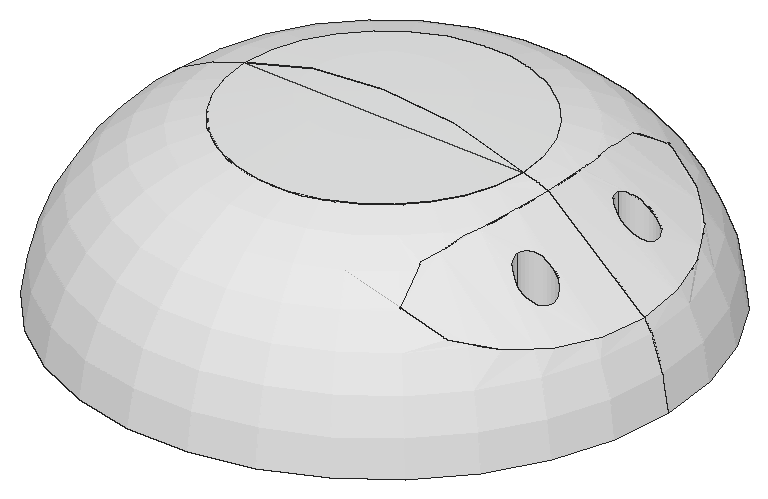
Revit family "Ceiling_Sensor-Ultrasonic-Hubbell_Wiring-ATU", category Lighting Devices, host Face, Revit 2015
Parameters (values of type "ATU1000C")
  Voltage = 24 V
  Ultrasonic Minor Motion [instance] = yes
  Ultrasonic Major Motion [instance] = yes
  URL = "http://www.hubbell-wiring.com/"
  Type Comments = ""
  Time Delay = "Test (8 seconds), adaptive 8 to 40 minutes\r"  # constant formula
  Storage Temperature = "-20°F to 150°F (-29°C to 65°C); 0% to 95%\r\nnon-condensing relative humidity"  # constant formula
  Sensors Option = ATU1000C-500C : ATU1000C-500C
  Sensitivity = "Adaptive 0 to 100%"  # constant formula
  Product data url = "https://bimobject.com/hubbellwiring/product/hubbell-atu"
  Product Page URL = "http://ecatalog.hubbell-wiring.com/productinformation/specsheets/3A/Live/PDF/ATU1000C_cart.pdf"
  Product Documentation Link = "http://ecatalog.hubbell-wiring.com/productinformation/CustomerDrawingLibraryAssets/3A/1/M7781.pdf"
  Power Factor = 1
  Operating Temperature = "32°F to 104°F (0°C to 40°C) with rate of change not\r\nexceeding 20°F (11°C) per hour"  # constant formula
  Number of Poles = 1
  Model = "ATU1000C"
  Manufacturer = "Hubbell Wiring Device-Kellems"  # constant formula
  Load Classification = Lighting
  Keynote = ""
  Glass = Plastic - Hubbell - Polyethylene
  Field of View [instance] = no
  Device Material = Plastic - Hubbell - White
  Description = "Ultrasonic Ceiling Sensors - Adaptive Technology"  # constant formula
  Default Elevation = 48.00"
  Coverage Area = Field of View : 1000 sq.ft.
  Coverage = 180.00°
  Connector Description 2 = "Controls"  # constant formula
  Connector Description 1 = "Power Supply"  # constant formula
  Certifications = "cULus listed to UL244A"  # constant formula
  Apparent Load = 0.79 VA  # 0.790 VA
  Ambient Light = "1 to 1000 foot candles"  # constant formula
Types (3): name | Sensors Option | Product Page URL | Model | Coverage Area | Coverage
  ATU2000C | ATU2000C : ATU2000C | "http://ecatalog.hubbell-wiring.com/productinformation/specsheets/3A/Live/PDF/ATU2000CRP_cart.pdf" | "ATU2000C" | Field of View : 2000 sq.ft. | 360.00°
  ATU1000C | ATU1000C-500C : ATU1000C-500C | "http://ecatalog.hubbell-wiring.com/productinformation/specsheets/3A/Live/PDF/ATU1000C_cart.pdf" | "ATU1000C" | Field of View : 1000 sq.ft. | 180.00°
  ATU500C | ATU1000C-500C : ATU1000C-500C | "http://ecatalog.hubbell-wiring.com/productinformation/specsheets/3A/Live/PDF/ATU500CRP_cart.pdf" | "ATU500C" | Field of View : 500 sq.ft. | 180.00°
Reference planes (in)
  plane 1 "Center (Front/Back)": y = 0
  plane 2 "Bottom": z = 0
  plane 3 "Center (Left/Right)": x = 0
  plane 4: z = 0.575
Dimensions and locks (in)
  locked: plane 4 to plane 2 "Bottom" at 0.575
  aligned and locked: plane 2 "Bottom" to host face
  aligned and locked: level to host face
  aligned and locked: nested 1 to plane 3 "Center (Left/Right)"
  aligned and locked: plane 1 "Center (Front/Back)" to nested 1
  aligned and locked: nested 2 to plane 3 "Center (Left/Right)"
  aligned and locked: nested 2 to plane 1 "Center (Front/Back)"
  aligned and locked: nested 2 to plane 4
Nested families (in)
  nested 1: "ATU1000C-500C" at (0, 0, 0) x (0, -1, 0) z (0, 0, 1), type <- "Sensors Option", type "ATU1000C-500C"
  nested 2: "Field of View" at (0, 0, 0.575), type <- "Coverage Area", Ultrasonic Minor Motion <- "Ultrasonic Minor Motion", Ultrasonic Major Motion <- "Ultrasonic Major Motion", Field of View <- "Field of View", type "1000 sq.ft."
    with zz YesNo 4 no, zz YesNo 3 no, zz YesNo 2 no, zz YesNo 1 no, zz Length 5 192.06082", zz Length 4 384.22224", zz Length 3 138.2337", zz Length 2 270.01926", zz Length 1 108.00", Ultrasonic Minor Motion yes, Ultrasonic Major Motion yes, Mounting Height 108.00", Field of View no, zz Angle 4 60.65°, zz Angle 3 74.30°, zz Angle 2 52.00°, zz Angle 1 68.20°
Connectors (in)
  electrical at (0, 0, 0), driven by "Voltage", driven by "Apparent Load", driven by "Connector Description 1", driven by "Power Factor", driven by "Load Classification", driven by "Number of Poles"
    settings: on host face, index 1, voltage 24 V, apparent load 0.790 VA, apparent load phase1 0.000 VA, apparent load phase2 0.000 VA, apparent load phase3 0.000 VA, power factor 1, load classification "Lighting", number of poles 1, system type 30, power factor state 1, is connector primary yes, connector utility no, sub classification motor no, connector description "Power Supply"
  electrical at (0, 0.31245, 0), driven by "Connector Description 2"
    settings: on nested 1, index 2, voltage 0 V, apparent load 0.000 VA, apparent load phase1 0.000 VA, apparent load phase2 0.000 VA, apparent load phase3 0.000 VA, power factor 1, load classification "Other", number of poles 1, system type 13, power factor state 1, is connector primary no, connector utility no, sub classification motor no, connector description "Controls"
Definition of nested family "ATU1000C-500C"
  Parameters
    URL = "http://www.hubbell-wiring.com/"
    Type Comments = ""
    Product Page URL = "http://www.hubbell-wiring.com/press/catalog/E.pdf"
    Product Documentation Link = "http://ecatalog.hubbell-wiring.com/productinformation/CustomerDrawingLibraryAssets/3A/1/M12573.pdf"
    Model = "AD2000BK1"
    Manufacturer = "Hubbell Wiring Device-Kellems"  # constant formula
    Keynote = ""
    Glass = none
    Device Material = none
    Description = "Dual technology occupancy sensors combine both passive infrared (PIR) \r\nand ultrasonic (US) technologies for maximum reliability."  # constant formula
    Default Elevation = 48.00"
  Reference planes (in)
    plane 1 "Center (Front/Back)": y = 0
    plane 2 "Bottom": z = 0
    plane 3 "Center (Left/Right)": x = 0
    plane 4: y = 2.25
    plane 5: y = -2.25
    plane 6: z = 1.5
    plane 7: z = 1.3
    plane 8: y = 1.1
    plane 9: y = -1.1
    plane 10: y = 0.5
    plane 11: y = -0.5
    plane 12: z = 1.35
    plane 13: z = 1.275
    plane 14: z = 0.575
    plane 15: y = 1.2633
    plane 16: y = 2.1
    plane 17: y = -1.2633
    plane 18: y = -2.1
    plane 19: x = -0.5
    plane 20: x = 0.5
    plane 21: y = -1.6
    plane 22: y = 1.6
  Forms (in)
    Extrusion 1, solid
      sketch origin (0, 0, 0) x (1, 0, 0) y (0, 1, 0)
        loop
          line (-48, 48) -> (-48, -48) -> (48, -48) -> (48, 48) -> (-48, 48)
      from 0 to -12
    Revolve 2, solid, material <- "Device Material"
      sketch origin (0, 0, 0) x (0, 1, 0) y (0, 0, 1)
        loop
          line (0, 0) -> (2.25, 0)
          arc (2.25, 0) -> (1.89174, 0.84174) -> (1.1, 1.3) r 1.44596
          line (1.1, 1.3) -> (0, 1.3) -> (0, 0)
        axis (0, 1.3) -> (0, 0)
      angle from 0 to 360
    Revolve 3, solid, material <- "Glass"
      sketch origin (0, 0, 0) x (0, 1, 0) y (0, 0, 1)
        loop
          line (0, 1.5) -> (0, 1.3) -> (1.1, 1.3)
          arc (1.1, 1.3) -> (0.55964, 1.453) -> (0, 1.5) r 2.92759
        axis (0, 1.5) -> (0, 1.3)
      angle from 0 to 360
    Revolve 4, void
      sketch origin (0, 0, 0) x (0, 1, 0) y (0, 0, 1)
        loop
          line (1.2633, 1.275) -> (2.1, 0.575)
          arc (2.1, 0.575) -> (1.83259, 1.10542) -> (1.2633, 1.275) r 0.75
        axis (-0.5, 1.275) -> (-0.5, 0.575)
      angle from 0 to 360
    Extrusion 5, void
      sketch origin (0, 0, 0.09375) x (0, -1, 0) y (1, 0, 0)
        loop
          circle (-1.6, -0.5) r 0.14975
        loop
          circle (-1.6, 0.5) r 0.14975
      from 0.48125 to 1.40625
  Cuts and joins
    Revolve 4, Extrusion 5 cuts Revolve 2
  Lines and regions (in)
    symbolic lines
      curve 1: arc (0, -2.25, 0) -> (-2.25, 0, 0) -> (0, 2.25, 0) r 2.25
      curve 2: arc (0, 2.25, 0) -> (2.25, 0, 0) -> (0, -2.25, 0) r 2.25
    symbolic lines, detail levels medium+fine
      curve 3: line (0, 2.05984, 0) -> (0, 1.30142, 0)
      curve 4: line (0, 1.30142, 0) -> (0, 2.05984, 0)
      curve 9: arc (0, 1.1, 0) -> (1.1, 0, 0) -> (0, -1.1, 0) r 1.1
      curve 10: arc (0, -1.1, 0) -> (-1.1, 0, 0) -> (0, 1.1, 0) r 1.1
    symbolic lines, detail levels fine
      curve 5: arc (-0.5, 1.74975, 0) -> (-0.64975, 1.6, 0) -> (-0.5, 1.45025, 0) r 0.14975
      curve 6: arc (-0.5, 1.45025, 0) -> (-0.35025, 1.6, 0) -> (-0.5, 1.74975, 0) r 0.14975
      curve 7: arc (0.5, 1.74975, 0) -> (0.35025, 1.6, 0) -> (0.5, 1.45025, 0) r 0.14975
      curve 8: arc (0.5, 1.45025, 0) -> (0.64975, 1.6, 0) -> (0.5, 1.74975, 0) r 0.14975
  Dimensions and locks (in)
    equal spacing: plane 4, plane 1 "Center (Front/Back)", plane 5
    locked: plane 4 to plane 5 at 4.5
    locked: plane 6 to plane 2 "Bottom" at 1.5
    locked: plane 6 to plane 7 at 0.2
    equal spacing: plane 8, plane 1 "Center (Front/Back)", plane 9
    locked: plane 8 to plane 9 at 2.2
    equal spacing: plane 10, plane 1 "Center (Front/Back)", plane 11
    locked: plane 10 to plane 1 "Center (Front/Back)" at 0.5
    plane 6 to plane 12 = 0.15"
    plane 7 to plane 13 = 0.025"
    locked: plane 13 to plane 14 at 0.7
    plane 4 to plane 16 = 0.15"
    locked: plane 16 to plane 15 at 0.8367
    locked: plane 18 to plane 17 at 0.8367
    locked: plane 5 to plane 18 at 0.15
    plane 18 to plane 17 = 0.8367"
    equal spacing: plane 19, plane 3 "Center (Left/Right)", plane 20
    plane 19 to plane 20 = 1.00"
    equal spacing: plane 22, plane 1 "Center (Front/Back)", plane 21
    locked: plane 1 "Center (Front/Back)" to plane 22 at 1.6
    locked: plane 1 "Center (Front/Back)" to Extrusion 5 sketch curve at 1.6
    locked: plane 3 "Center (Left/Right)" to Extrusion 5 sketch curve at 0.5
    aligned and locked: plane 2 "Bottom" to Extrusion 1
    aligned and locked: level to Extrusion 1
    aligned and locked: plane 1 "Center (Front/Back)" to Revolve 2 sketch curve
    aligned and locked: plane 7 to Revolve 2 sketch curve  (x2)
    aligned and locked: Revolve 2 sketch curve to plane 1 "Center (Front/Back)"
    aligned and locked: plane 2 "Bottom" to Revolve 2 sketch curve  (x2)
    aligned and locked: plane 1 "Center (Front/Back)" to Revolve 3 sketch curve
    aligned and locked: Revolve 3 sketch curve to plane 1 "Center (Front/Back)"
    aligned and locked: plane 7 to Revolve 3 sketch curve
    aligned and locked: plane 8 to Revolve 3 sketch curve
    aligned and locked: plane 6 to Revolve 3 sketch curve
    aligned and locked: Revolve 4 sketch curve to plane 11
    aligned and locked: plane 8 to Revolve 2 sketch curve
    aligned and locked: plane 4 to Revolve 2 sketch curve
    aligned and locked: plane 16 to Revolve 4 sketch curve
    aligned and locked: plane 14 to Revolve 4 sketch curve
    aligned and locked: plane 13 to Revolve 4 sketch curve
    aligned and locked: plane 15 to Revolve 4 sketch curve
    aligned and locked: Extrusion 5 to Revolve 4
    aligned and locked: plane 6 to Extrusion 5
  Automatic sketch dimensions
    Extrusion 1 sketch curve to Extrusion 1 sketch curve = 96.00"  (x2)
    Extrusion 5 sketch curve to plane 19 = 0.00"
    plane 22 to Extrusion 5 sketch curve = 0.00"
    curve 1 to plane 3 "Center (Left/Right)" = 0.00"
    plane 5 to curve 1 = 0.00"
    plane 1 "Center (Front/Back)" to curve 1 = 0.00"
    curve 6 to plane 19 = 0.00"
    curve 3 to plane 3 "Center (Left/Right)" = 0.00"
    curve 4 to plane 3 "Center (Left/Right)" = 0.00"
    plane 22 to curve 6 = 0.00"
    curve 3 to plane 15 = 0.03812"
    curve 4 to curve 3 = 0.00"  (x2)
    plane 22 to curve 6 = 0.14975"
    plane 16 to curve 3 = 0.04016"
    curve 7 to plane 20 = 0.00"
    plane 22 to curve 7 = 0.00"
    plane 22 to curve 8 = 0.14975"
    curve 1 to curve 9 = 0.00"  (x2)
    plane 9 to curve 10 = 0.00"
    Revolve 2 sketch curve to level = 0.11632"
    Revolve 2 sketch curve to level = 2.41808"
    plane 6 to Revolve 2 sketch curve = 3.09499"
    Revolve 3 sketch curve to plane 1 "Center (Front/Back)" = 0.03593"
    plane 14 to Revolve 3 sketch curve = 0.16064"
    Revolve 3 sketch curve to Revolve 3 sketch curve = 0.4253"
    Revolve 4 sketch curve to plane 14 = 0.04482"
    Revolve 4 sketch curve to level = 0.81521"
    plane 6 to Revolve 4 sketch curve = 0.65111"
    radius of Extrusion 5 sketch curve = 0.14975"  (x2)
Definition of nested family "Field of View"
  Parameters
    zz YesNo 4 [instance] = and(zz Integer 1 = 2, Field of View, Ultrasonic Minor Motion)  # no
    zz YesNo 3 [instance] = and(zz Integer 1 = 2, Field of View, Ultrasonic Major Motion)  # no
    zz YesNo 2 [instance] = and(zz Integer 1 = 1, Field of View, Ultrasonic Minor Motion)  # no
    zz YesNo 1 [instance] = and(zz Integer 1 = 1, Field of View, Ultrasonic Major Motion)  # no
    zz Length 5 [instance] = tan(zz Angle 4) * zz Length 1  # 131.99721"
    zz Length 4 [instance] = tan(zz Angle 3) * zz Length 1  # 276.00883"
    zz Length 3 [instance] = tan(zz Angle 2) * zz Length 1  # 102.02346"
    zz Length 2 [instance] = tan(zz Angle 1) * zz Length 1  # 204.06262"
    zz Length 1 [instance] = if(Mounting Height < 108.00", 108.00", if(Mounting Height > 180.00", 180.00", Mounting Height))  # 108.00"
    zz Integer 1 = 2
    zz Angle 4 = 50.71°
    zz Angle 3 = 68.63°
    zz Angle 2 = 43.37°
    zz Angle 1 = 62.11°
    Ultrasonic Minor Motion [instance] = no
    Ultrasonic Major Motion [instance] = no
    Mounting Height [instance] = 108.00"
    Field of View [instance] = yes
  Reference planes (in)
    plane 1 "Center (Front/Back)": y = 0
    plane 2: z = 0
    plane 3 "Center (Left/Right)": x = 0
    plane 4: x = 2.4
    plane 5: x = -2.4
    plane 6: y = -1.74
    plane 7: y = 1.74
    plane 8: x = -204.06262
    plane 9: x = 204.06262
    plane 10: y = -102.02346
    plane 11: y = 102.02346
    plane 12: z = 108
    plane 13: x = -276.00883
    plane 14: y = 131.99721
    plane 15: x = 276.00883
    plane 16: y = -131.99721
  Forms (in)
    Blend 1, solid, visible <- "zz YesNo 2"
      base sketch origin (0, 0, 0) x (1, 0, 0) y (0, 1, 0)
        loop
          line (-204.06262, 102.02346) -> (-204.06262, -102.02346) -> (204.06262, -102.02346) -> (204.06262, 102.02346) -> (-204.06262, 102.02346)
      top sketch origin (0, 0, 0) x (1, 0, 0) y (0, 1, 0)
        loop
          line (-2.4, 1.74) -> (-2.4, -1.74) -> (2.4, -1.74) -> (2.4, 1.74) -> (-2.4, 1.74)
      from 108 to 0
    Blend 2, solid, visible <- "zz YesNo 1"
      base sketch origin (0, 0, 0) x (1, 0, 0) y (0, 1, 0)
        loop
          line (-276.00883, 131.99721) -> (-276.00883, -131.99721) -> (276.00883, -131.99721) -> (276.00883, 131.99721) -> (-276.00883, 131.99721)
      top sketch origin (0, 0, 0) x (1, 0, 0) y (0, 1, 0)
        loop
          line (-2.4, 1.74) -> (-2.4, -1.74) -> (2.4, -1.74) -> (2.4, 1.74) -> (-2.4, 1.74)
      from 108 to 0
    Blend 3, solid, visible <- "zz YesNo 3"
      base sketch origin (0, 0, 0) x (1, 0, 0) y (0, 1, 0)
        loop
          line (0, 1.74) -> (0, -1.74) -> (2.4, -1.74) -> (2.4, 1.74) -> (0, 1.74)
      top sketch origin (0, 0, 0) x (1, 0, 0) y (0, 1, 0)
        loop
          line (0, 131.99721) -> (0, -131.99721) -> (276.00883, -131.99721) -> (276.00883, 131.99721) -> (0, 131.99721)
      from 0 to 108
    Blend 4, solid, visible <- "zz YesNo 4"
      base sketch origin (0, 0, 0) x (1, 0, 0) y (0, 1, 0)
        loop
          line (0, 1.74) -> (0, -1.74) -> (2.4, -1.74) -> (2.4, 1.74) -> (0, 1.74)
      top sketch origin (0, 0, 0) x (1, 0, 0) y (0, 1, 0)
        loop
          line (0, 102.02346) -> (0, -102.02346) -> (204.06262, -102.02346) -> (204.06262, 102.02346) -> (0, 102.02346)
      from 0 to 108
  Dimensions and locks (in)
    equal spacing: plane 5, plane 3 "Center (Left/Right)", plane 4
    plane 3 "Center (Left/Right)" to plane 4 = 2.40"
    equal spacing: plane 7, plane 1 "Center (Front/Back)", plane 6
    plane 6 to plane 1 "Center (Front/Back)" = 1.74"
    equal spacing: plane 8, plane 3 "Center (Left/Right)", plane 9
    equal spacing: plane 10, plane 1 "Center (Front/Back)", plane 11
    "zz Length 1": plane 12 to plane 2
    plane 10 to plane 11 = 204.04692"
    "zz Length 2": plane 8 to plane 3 "Center (Left/Right)"
    "zz Length 3": plane 1 "Center (Front/Back)" to plane 11
    equal spacing: plane 16, plane 1 "Center (Front/Back)", plane 14
    equal spacing: plane 13, plane 3 "Center (Left/Right)", plane 15
    "zz Length 4": plane 13 to plane 3 "Center (Left/Right)"
    "zz Length 5": plane 1 "Center (Front/Back)" to plane 14
    angle plane 1 "Center (Front/Back)" to Blend 1 = 42.8783°
    angle plane 3 "Center (Left/Right)" to Blend 2 = 68.4597°
    angle plane 3 "Center (Left/Right)" to Blend 1 = 61.8288°
    angle plane 1 "Center (Front/Back)" to Blend 2 = 50.3369°
    angle Blend 4 to Blend 3 = 61.8288°
    angle Blend 3 to Blend 3 = 68.4597°
    aligned and locked: plane 2 to level
    aligned and locked: Blend 1 sketch curve to plane 11
    aligned and locked: Blend 1 sketch curve to plane 10
    aligned and locked: Blend 1 sketch curve to plane 8
    aligned and locked: Blend 1 sketch curve to plane 9
    aligned and locked: Blend 1 sketch curve to plane 7
    aligned and locked: plane 5 to Blend 1 sketch curve
    aligned and locked: plane 6 to Blend 1 sketch curve
    aligned and locked: Blend 1 sketch curve to plane 4
    aligned and locked: Blend 1 to level
    aligned and locked: Blend 1 to plane 12
    aligned and locked: Blend 2 sketch curve to plane 14
    aligned and locked: Blend 2 sketch curve to plane 16
    aligned and locked: Blend 2 sketch curve to plane 13
    aligned and locked: Blend 2 sketch curve to plane 15
    aligned and locked: Blend 2 sketch curve to Blend 1  (x4)
    aligned and locked: Blend 2 to level
    aligned and locked: Blend 2 to plane 12
    aligned and locked: Blend 1 to Blend 3 sketch curve
    aligned and locked: plane 3 "Center (Left/Right)" to Blend 3 sketch curve
    aligned and locked: Blend 3 sketch curve to Blend 1  (x2)
    aligned and locked: plane 14 to Blend 3 sketch curve
    aligned and locked: Blend 3 sketch curve to plane 16
    aligned and locked: Blend 3 sketch curve to plane 15
    aligned and locked: Blend 3 to plane 12
    aligned and locked: Blend 3 to level
    aligned and locked: Blend 3 sketch curve to plane 3 "Center (Left/Right)"
    aligned and locked: Blend 4 sketch curve to Blend 3  (x5)
    aligned and locked: Blend 4 sketch curve to plane 10
    aligned and locked: Blend 4 sketch curve to plane 9
    aligned and locked: plane 11 to Blend 4 sketch curve
    aligned and locked: Blend 4 to plane 12
    aligned and locked: Blend 4 to level
